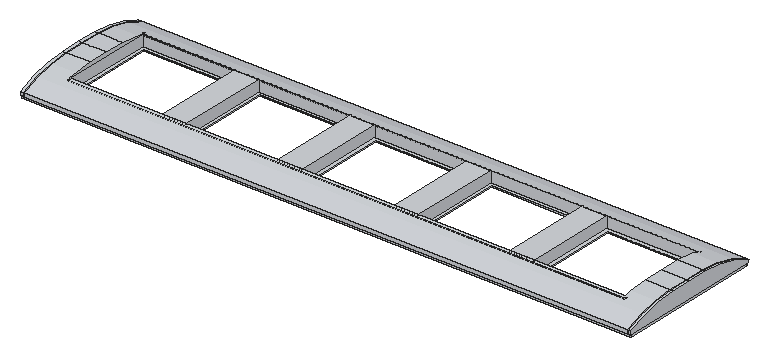
Revit family "Gira_0215328", category Electrical Fixtures, host Face, Revit 2017
Family settings
  Host = Face
  Maintain Annotation Orientation = No
  Round Connector Dimension = Use Diameter
  Part Type = Normal
  Cut with Voids When Loaded = No
  Shared = No
  Room Calculation Point = No
Parameters (values of type "Cov.fr. 5-g interm.fr. PW Gira Event anthra.")
  With mounting grid = "No"
  With hinged lid = "No"
  URL = "http://katalog.gira.de/en/datenblatt.html?artikelnr=0215328"
  Type of fastening = "Clamp mounting"
  Transparent = "No"
  Surface protection = "Other"
  Suitable for wall duct = "No"
  Suitable for flush-mounted installation = "Yes"
  Suitable for floor box = "No"
  Suitable for built-in installation = "No"
  Number of units vertical = "5"
  Number of units horizontal = "5"
  Number of units = "5"
  Name = "Cov.fr. 5-g interm.fr. PW Gira Event anthra."
  Mounting direction = "Horizontal and vertical"
  Material quality = "Thermoplastic"
  Material = "Plastic"
  Manufacturer URL = "https://www.gira.de/"
  Manufacturer = "Gira"
  Label space/information surface = "No"
  Keynote = ""
  HeinzeBIM = "https://bimportal.heinze.de/bim/cov-fr-5-g-interm-fr-pw-gira-event-anthra-/0303c418b8233db1a65a01bfcd8548a6c2cbabb1"
  Halogen free = "Yes"
  HAN = "0215328"
  GTIN = "4010337074298"
  Description = "Cov.fr.5g i.fr.PW Event AN,Gira Event frames,anthracite with pure white glossy intermediate frame,5-gang,Features:,- Shatter-proof."
  Degree of protection (IP) = "IP20"
  Default Elevation = 1219.2 mm
  Data sheet (1) = "https://katalog.gira.de/en/download.html?artikelnr=0215328"
  Colour = "Anthracite"
  Category = "Cover frame for domestic switching devices"
  BIM (1) = "https://media.stage.bim.site/public/gira/36a6b08/Event_Rahmen_5fach.rfa"
  Available = "No"
Reference planes
  plane 1 "Center (Front/Back)": y = 0
  plane 2: z = 0
  plane 3 "Center (Left/Right)": x = 0
Forms (mm)
  Extrusion 1, solid, detail levels fine
    sketch origin (0, 0, 0.05) x (0, 1, 0) y (0, 0, 1)
      loop
        arc (12.445, 9.683) -> (6.223, 9.833) -> (0, 9.85) r 291.636
        arc (0, 9.85) -> (-6.223, 9.833) -> (-12.445, 9.683) r 291.636
        arc (-12.445, 9.683) -> (-29.14, 7.482) -> (-45, 1.823) r 79.728
        line (-45, 1.823) -> (-45, -0.05) -> (-42.086, -0.05)
        arc (-42.086, -0.05) -> (-21.385, 5.559) -> (0, 7.206) r 114.424
        arc (0, 7.206) -> (21.385, 5.559) -> (42.086, -0.05) r 114.424
        line (42.086, -0.05) -> (45, -0.05) -> (45, 1.823)
        arc (45, 1.823) -> (29.14, 7.482) -> (12.445, 9.683) r 79.728
    from -185.578 to 185.593
  Extrusion 2, void, detail levels fine
    sketch origin (0, 0, 0) x (1, 0, 0) y (0, 1, 0)
      loop
        line (170.607, 28) -> (-170.593, 28) -> (-170.593, -28) -> (170.607, -28) -> (170.607, 28)
    from 0.724 to 11
  Extrusion 3, solid, detail levels coarse
    sketch origin (0, 0, 0) x (1, 0, 0) y (0, 1, 0)
      loop
        line (-187.578, 45) -> (-187.578, -45) -> (187.593, -45) -> (187.593, 45) -> (-187.578, 45)
    from -1.5 to 9.9
  Extrusion 4, solid, detail levels medium
    sketch origin (0, 0, 0.05) x (0, 1, 0) y (0, 0, 1)
      loop
        arc (12.445, 9.683) -> (6.223, 9.833) -> (0, 9.85) r 291.636
        arc (0, 9.85) -> (-6.223, 9.833) -> (-12.445, 9.683) r 291.636
        arc (-12.445, 9.683) -> (-29.14, 7.482) -> (-45, 1.823) r 79.728
        line (-45, 1.823) -> (-45, -0.05) -> (45, -0.05) -> (45, 1.823)
        arc (45, 1.823) -> (29.14, 7.482) -> (12.445, 9.683) r 79.728
    from -187.578 to 187.593
  Extrusion 5, solid, detail levels fine
    sketch origin (-142.578, 0, -1.5) x (0, 1, 0) y (0, 0, -1)
      loop
        line (45, -3.373) -> (45, -1.5) -> (-45, -1.5) -> (-45, -3.373)
        arc (-45, -3.373) -> (-29.14, -9.032) -> (-12.445, -11.233) r 79.728
        arc (-12.445, -11.233) -> (-6.223, -11.383) -> (0, -11.4) r 291.636
        arc (0, -11.4) -> (6.223, -11.383) -> (12.445, -11.233) r 291.636
        arc (12.445, -11.233) -> (29.14, -9.032) -> (45, -3.373) r 79.728
    from 43 to 45
  Extrusion 6, solid, detail levels fine
    sketch origin (0, 0, 0) x (1, 0, 0) y (0, 1, 0)
      loop
        line (-168.493, 25.7) -> (-168.493, -25.7) -> (-116.693, -25.7) -> (-116.693, 25.7) -> (-168.493, 25.7)
      loop
        line (-45.398, -25.7) -> (-45.398, 25.7) -> (-97.198, 25.7) -> (-97.198, -25.7) -> (-45.398, -25.7)
      loop
        line (-171.487, 28.49) -> (-171.487, -28.495)
        spline (-171.487, -28.495) -> (-171.479, -28.625) -> (-171.453, -28.754) -> (-171.411, -28.878) -> (-171.353, -28.995) -> (-171.281, -29.104) -> (-171.194, -29.202) -> (-171.096, -29.288) -> (-170.987, -29.361) -> (-170.87, -29.419) -> (-170.746, -29.461) -> (-170.618, -29.486) -> (-170.487, -29.495)
        line (-170.487, -29.495) -> (170.502, -29.495)
        spline (170.502, -29.495) -> (170.633, -29.486) -> (170.761, -29.461) -> (170.885, -29.419) -> (171.002, -29.361) -> (171.111, -29.288) -> (171.209, -29.202) -> (171.296, -29.104) -> (171.368, -28.995) -> (171.426, -28.878) -> (171.468, -28.754) -> (171.494, -28.625) -> (171.502, -28.495)
        line (171.502, -28.495) -> (171.502, 28.49)
        spline (171.502, 28.49) -> (171.494, 28.62) -> (171.468, 28.748) -> (171.426, 28.872) -> (171.368, 28.99) -> (171.296, 29.098) -> (171.209, 29.197) -> (171.111, 29.283) -> (171.002, 29.356) -> (170.885, 29.413) -> (170.761, 29.456) -> (170.633, 29.481) -> (170.502, 29.49)
        line (170.502, 29.49) -> (-170.487, 29.49)
        spline (-170.487, 29.49) -> (-170.618, 29.481) -> (-170.746, 29.456) -> (-170.87, 29.413) -> (-170.987, 29.356) -> (-171.096, 29.283) -> (-171.194, 29.197) -> (-171.281, 29.098) -> (-171.353, 28.99) -> (-171.411, 28.872) -> (-171.453, 28.748) -> (-171.479, 28.62) -> (-171.487, 28.49)
      loop
        line (25.902, -25.7) -> (25.902, 25.7) -> (-25.898, 25.7) -> (-25.898, -25.7) -> (25.902, -25.7)
      loop
        line (97.207, -25.7) -> (97.207, 25.7) -> (45.407, 25.7) -> (45.407, -25.7) -> (97.207, -25.7)
      loop
        line (168.507, -25.7) -> (168.507, 25.7) -> (116.707, 25.7) -> (116.707, -25.7) -> (168.507, -25.7)
    from 0.1 to 7.3
  Extrusion 7, solid
    sketch origin (0, 0, 0) x (1, 0, 0) y (0, 1, 0)
      loop
        arc (-187.293, -44.218) -> (-187.146, -44.572) -> (-186.793, -44.718) r 0.5
        line (-186.793, -44.718) -> (186.807, -44.718)
        arc (186.807, -44.718) -> (187.161, -44.572) -> (187.307, -44.218) r 0.5
        line (187.307, -44.218) -> (187.307, 44.182)
        arc (187.307, 44.182) -> (187.161, 44.535) -> (186.807, 44.682) r 0.5
        line (186.807, 44.682) -> (-186.793, 44.682)
        arc (-186.793, 44.682) -> (-187.146, 44.535) -> (-187.293, 44.182) r 0.5
        line (-187.293, 44.182) -> (-187.293, -44.218)
      loop
        line (-185.593, 42.982) -> (-185.593, -43.018) -> (185.607, -43.018) -> (185.607, 42.982) -> (-185.593, 42.982)
    from -1.5 to 0.5
  Extrusion 8, solid, detail levels fine
    sketch origin (142.593, 0, -1.5) x (0, 1, 0) y (0, 0, 1)
      loop
        arc (45, 3.373) -> (29.14, 9.032) -> (12.445, 11.233) r 79.728
        arc (12.445, 11.233) -> (6.223, 11.383) -> (0, 11.4) r 291.636
        arc (0, 11.4) -> (-6.223, 11.383) -> (-12.445, 11.233) r 291.636
        arc (-12.445, 11.233) -> (-29.14, 9.032) -> (-45, 3.373) r 79.728
        line (-45, 3.373) -> (-45, 1.5) -> (45, 1.5) -> (45, 3.373)
    from 43 to 45
  Extrusion 9, solid, detail levels medium
    sketch origin (0, 0, 0) x (1, 0, 0) y (0, 1, 0)
      loop
        line (-187.293, -44.718) -> (187.307, -44.718) -> (187.307, 44.682) -> (-187.293, 44.682) -> (-187.293, -44.718)
    from -1.5 to 0.5
  Extrusion 10, solid, detail levels fine
    sketch origin (-105.5, 0, 0) x (1, 0, 0) y (0, 1, 0)
      loop
        line (-8.943, 28.063) -> (-8.943, -27.937) -> (6.057, -27.937) -> (6.057, 28.063) -> (-8.943, 28.063)
    from 0.724 to 7.566
  Extrusion 11, solid, detail levels fine
    sketch origin (-37.085, 0, 0) x (-1, 0, 0) y (0, -1, 0)
      loop
        line (-8.943, -28.063) -> (6.057, -28.063) -> (6.057, 27.937) -> (-8.943, 27.937) -> (-8.943, -28.063)
    from 0.724 to 7.566
  Extrusion 12, solid, detail levels fine
    sketch origin (105.5, 0, 0) x (-1, 0, 0) y (0, -1, 0)
      loop
        line (-8.943, -28.063) -> (6.057, -28.063) -> (6.057, 27.937) -> (-8.943, 27.937) -> (-8.943, -28.063)
    from 0.724 to 7.566
  Extrusion 13, solid, detail levels fine
    sketch origin (37.085, 0, 0) x (1, 0, 0) y (0, 1, 0)
      loop
        line (-8.943, 28.063) -> (-8.943, -27.937) -> (6.057, -27.937) -> (6.057, 28.063) -> (-8.943, 28.063)
    from 0.724 to 7.566
Cuts and joins
  Extrusion 2 cuts Extrusion 1
  Extrusion 2 cuts Extrusion 6
Dimensions and locks
  aligned and locked: plane 2 to host face
  aligned and locked: level to host face
